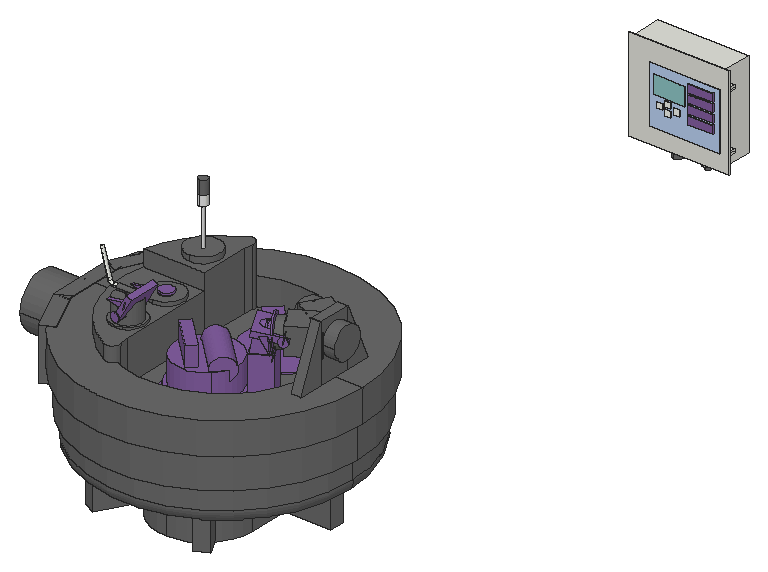
Revit family "28717_9_0", category Generic Models, Revit 2021
Family settings
  Can host rebar = No
  Round Connector Dimension = Use Diameter
  Part Type = Normal
  Work Plane-Based = No
  Always vertical = Yes
  Cut with Voids When Loaded = No
  Shared = Yes
  Room Calculation Point = No
Parameters (values of type "28717")
  SUPPLIER = "KESSEL"
  SA700ID48 = "No"
  SA700ID46 = "Yes"
  SA700ID37 = 10000 mm
  SA700ID34 = 11.5
  SA700ID33 = 1.2 W
  SA700ID32 = 24.00 kg
  SA700ID31 = 1
  SA700ID30 = 1
  SA700ID29 = "RWDR"
  SA700ID28 = "durchgehend"
  SA700ID21 = 1000
  SA700ID07 = "100"
  SA460ID03 = "direct"
  SA400ID03 = "e-motor for alternating current"
  SA350ID03 = "normal-priming"
  SA300ID03 = "single-level"
  SA260ID03 = "dry-rotor pump"
  SA250ID03 = "vertical"
  SA200ID03 = "6"
  PROCUREWEBLINK = "https://p.caden.as/kessel/28717"
  PROCURELINK = "p.caden.as/kessel/28717"
  PROCUREDATALASTUPDATE = "2024-05-22T12:17:58.803435948+01:00"
  PRC_SPECIFICATIONLINK = "https://ausschreiben.de/catalog/kessel/catalogItem/36873cf7-b726-4d78-9df6-f6276c43ae8a"
  NN = "Lifting station Aqualift F Compact"
  NBSYN = "$SA810ID03._$IDNR._$L."
  NB = "28717_9_0"
  Model = "28717"
  Manufacturer = "KESSEL"
  MIdent = "{$CADENAS_DATA/23d-libs/kessel/new/hebeanlagen/aqualift_f_compact/aqualift_f__compact_asmtab.prj},199 {VTYP=3D},{STYP=ASSTAB},{NB=28717_9_0},{LINA=28717},{NN=Lifting station Aqualift F Compact},{DATE=21.12.2022 12:37:25},{GEOMDATE=21.11.2022 10:35:20},{VERSION=},{LINEID=100},{WBVAR=L},{WBNUMERIC=L}  {NB=28717_9_0},{LINA=28717},{KT=DUMMY},{PREVIEW=},{SA700ID04=Hebeanlage Aqualift F Compact, Mono, SPZ 1000, freie Aufstellung },{SA810ID06=4026092093405},{LMIN=0.000},{LMAX=0.000},{L=0.000},{SA700ID34=11.50},{SA810ID03=28717},{SA810ID10=Die Hebeanlage für fäkalienhaltiges und fäkalienfreies Abwasser ist mit einer überflutbaren Pumpe sowie einem Rückflussverhinderer ausgestattet. Der Sammelbehälter aus dauerhaft beständigem Kunststoff (PE) besitzt einen abgeschlossenen Pumpenraum. Einhandverschlüsse ermöglichen die einfache Entnahme der integrierten Komponenten.Die Steuerung erfolgt durch ein anwenderfreundliches Schaltgerät, das optional über einen potentialfreien Kontakt in die Gebäudeleittechnik eingebunden werden oder Alarm- und Sammelstörmeldungen über eine GSM-Schnittstelle ausgeben kann.Ausführung:Absperreinrichtung: ohne SchieberAnlagenart: EinzelanlagePumpensteuerung: SchaltgerätRückflussverhinderer: integriertSchalldämmmatte: jaAuslieferungszustand: vormontiert zur bauseitigen Endmontage (Pumpen und Sensorik sind bauseits zu montieren sowie Schaltgerät ist anzuschließen)Einbausituation: freie AufstellungAbwasserart: fäkalienhaltigAllgemeine Merkmale:Farbe: schwarzZulassung: Z-53.2-484Abmessungen:Länge: 670 mmBreite: 580 mmHöhe: 395 mmBehälter/Grundkörper:Zulauf Anzahl: 1 STZulauf Nennweite (DN): 100 mmZulauf Nennweite (DA): 110 mmAbstand Rohrsohle Zulauf zu Behälterboden: 152 mmAbstand Rohrmitte Auslauf zu Behälterboden: 395 mmAbstand Rohrmitte Zulauf zu Behälterboden: 207 mmBehältervolumen: 40 lDruckabgang: waagerechtDruckabgang (DA): 40 mmDruckabgang (DN): 32 mmEntlüftungsanschluss (DN): 70 mmNutzvolumen: 20 lAbdeckungsmerkmale:Abdeckungsart: -Fördereinrichtung:Pumpe: SPZ 1000Anzahl Pumpen: 1Förderhöhe max.: 10 mFörderleistung max.: 11,5 m3/hBetriebsart: S3 - 50 %Leistung P1: 1,2 kWLeistung P2: 0,69 kWDrehzahl: 2.800 U/minFörderguttemperatur (dauerhaft) max.: 40 °CAnschlusstyp: codierter SteckerGewicht: 10 kgLaufrad Typ: SchneidwerkLänge Netzanschlussleitung Pumpe: 5 mNennstrom: 5,2 ASchutzart Pumpe: IP 68 (3m/48h)Schutzklasse: ITyp Anschlussleitung Pumpe: H07RN-F 3G 1,0 mm2Temperaturüberwachung: integriertSteuerung:Schaltgerät: ComfortBetriebsspannung: 230 VNetzfrequenz: 50 HzSelbstdiagnosesystem (SDS): jaBatteriepufferung: jaMehrzeilige Displayanzeige: jaLogbuchfunktion: jaUSB-Schnittstelle: jaGSM-Schnittstelle: jaPotentialfreier Kontakt: optionalErforderliche Absicherung (Leitungsschutz): C 16 ASchutzart Schaltgerät: IP 54Länge Netzanschlussleitung Schaltgerät: 1,4 mArt Niveauerfassung: pneumatischInstrument Niveauerfassung: TauchrohrAlarmgeber: optische Sonde},{SA700ID37=10.00},{SA700ID33=1.20},{SA700ID08=230},{SA700ID30=1},{SA700ID32=24.00},{SA700ID49=1},{SA200ID03=6},{SA250ID03=vertikal},{SA260ID03=Trockenläuferpumpe},{SA350ID03=normalansaugend},{SA400ID03=E-Motor für Wechselstrom},{SA460ID03=direkt},{SA500ID03=Kunststoff},{SA700ID06=DN32, DA40},{SA700ID07=100},{SA700ID09=1/N/PE 230V },{SA700ID10=nein},{SA700ID11=50},{SA700ID12=IP 68},{SA700ID13=F},{SA700ID15=40},{SA700ID21=1000.00},{SA700ID22=0.69},{SA700ID23=2800},{SA700ID26=5},{SA700ID28=durchgehend},{SA700ID29=RWDR},{SA700ID31=1},{SA700ID46=Ja},{SA700ID48=Nein},{SA010ID04=KESSEL AG},{SA110ID04=Hebeanlage Aqualift F Compact},{SA300ID03=einstufig},{SA700ID44=10.00},{SA700ID45=10.00},{IDNR=9},{TOC=Type_4},{ORDERNO=ORDERNO},{CODE=1.000},{PPATH=aqualift_f_compact_asmtpl.prj},{LINK=https://www.kessel.de/info?han=28717 },{LINK_=https://www.kessel.de/info?han=28717 },{LINK_DEU=https://www.kessel.de/info?han=28717 },{SA960ID03=8},{SA960ID04=3L},{SA960ID08=https://www.kessel.de/info?han=28717 },{SA010ID01=010},{SA010ID02=4},{SA010ID06=www.kessel.de},{SA010ID08=4026092000007},{SA100ID01=100},{SA100ID02=4},{SA100ID04=Entwässerung},{SA100ID06=Hebeanlagen},{SA110ID01=110},{SA110ID02=210},{SA110ID05=Aqualift F Compact},{SA110ID06=Hebeanlage},{SA740ID01=740},{SA740ID02=1},{SA200ID01=200},{SA200ID02=6},{SA250ID01=250},{SA250ID02=2},{SA260ID01=260},{SA260ID02=2},{SA300ID01=300},{SA300ID02=1},{SA350ID01=350},{SA350ID02=1},{SA400ID01=400},{SA400ID02=1},{SA460ID01=460},{SA460ID02=1},{SA500ID01=500},{SA500ID02=3},{SA700ID01=700},{SA700ID02=8},{SA700ID16=0},{SA700ID25=0},{SA700ID46_=1},{SA700ID48_=0},{SA800ID01=800},{SA800ID02=1},{SA810ID01=810},{SA810ID02=8},{SA810ID04=28717},{SA810ID07=8},{SA810ID14=PCE },{SA810ID15=1},{SA810ID16=NMP}"
  LMIN = 0
  LMAX = 0
  LINK = "https://www.kessel.de/info?han=28717"
  LINA = "28717"
  L = 0
  Default Elevation = 0 mm
  CREATOR = "CADENAS GmbH"
  CATALOG = "KESSEL"
  BOMINFO = "LINA"
  ARTICLENO = "NB"
  4.810.00.7 Media- connection number = "8"
  4.810.00.6 GTIN number = "4026092093405"
  4.810.00.4 DATANORM number = "28717"
  4.810.00.3 Producer order number = "28717"
  4.710.03.6 Height = 395 mm
  4.710.03.5 Width = 580 mm
  4.710.03.4 Length = 670 mm
  4.710.03.3 Type of dimensions = "2"
  4.710.01.5 Load regulation = "1"
  4.710.01.4 Designation of closed-loop control = "20"
  4.710.01.3 Identifier for closed-loop control = "40"
  4.700.00.9 Voltage = 2475.6994
  4.700.00.8 Nominal connection size on suction side = "DN32, DA40"
  4.700.00.7 Nominal connection size on pressure side = "DN32, DA40"
  4.700.00.4 Product indentification = "Hebeanlage Aqualift F Compact, Mono, SPZ 1000, freie Aufstellung "
  4.700.00.27 Starting current = 5
  4.700.00.26 Maximum power consumption per pump / drive = 0
  4.700.00.24 Nominal speed / maximum speed n = 46.6667
  4.700.00.23 Nominal speed of motor = 7.4271
  4.700.00.17 Minimum temperature of pumped medium = 0 °C
  4.700.00.16 Maximum temperature of pumped medium = 40 °C
  4.700.00.14 Heat class = "F"
  4.700.00.13 Type of protection = "IP 68"
  4.700.00.12 Frequency = 50
  4.700.00.11 Stern-/Dreieck-Anlaufschaltung bei Dreiphasenanschluss oder Drehstrom = "nein"
  4.700.00.10 Phase = "1/N/PE 230V "
  4.500.00.3 Variant / Variant type / Accessories-name = "Kunststoff"
  4.110.00.6 Product classification = "Hebeanlage"
  4.110.00.5 Main groups of wares = "Aqualift F Compact"
  4.110.00.4 Product indentification = "Hebeanlage Aqualift F Compact"
  4.100.00.6 Product classification = "Hebeanlagen"
  4.100.00.4 Product indentification = "Entwässerung"
  4.010.00.8 Producer ID number = "4026092000007"
  4.010.00.6 Web address of the manufacturer = "www.kessel.de"
  4.010.00.4 Manufacturer name = "KESSEL AG"
  4.010.00.2 Sheet number of the guideline = "4"
Reference planes
  plane 1 "Center (Front/Back)": y = 0
  plane 2: z = 0
  plane 3 "Center (Left/Right)": x = 0
Dimensions and locks
  aligned and locked: level to plane 2
Nested families
  nested 1: "28717_9_0_content" at (0, 0, 0), type "28717_9_0_Content"
  nested 2: "28717_9_0__body_X0Y0" at (0, 0, 0), type "28717_X0Y0"
  nested 3: "type_4_4_X0Y0" at (1000, 0, 1000), type "Type_4_4_X0Y0"
Connectors
  piping at (-380, 0, 207), diameter 100
    settings: on nested 2, index 1, connector inside diameter 609.6 mm, connector length 0 mm, flow factor 0, pipe flow 0.0 L/s, pressure drop 0.0 Pa, fitting loss kfactor 0, connector angle 0.00°, fixture units 0, engagement length 0 mm, angle of deflection 0.00°, flow configuration 0, flow direction 1, fitting loss method 2, system type 29, joint type 0, gender type 0, connector reference index -1, connector utility 0, adjustable connector no, is connector primary yes, connector description ""
  piping at (257.7, 0, 351), diameter 32
    settings: on nested 2, index 2, connector inside diameter 609.6 mm, connector length 0 mm, flow factor 0, pipe flow 0.0 L/s, pressure drop 0.0 Pa, fitting loss kfactor 0, connector angle 0.00°, fixture units 0, engagement length 0 mm, angle of deflection 0.00°, flow configuration 0, flow direction 2, fitting loss method 2, system type 29, joint type 0, gender type 0, connector reference index -1, connector utility 0, adjustable connector no, is connector primary no, connector description ""
  electrical at (0, 0, 0)
    settings: on nested 2, index 3, voltage 0 V, apparent load 0 VA, apparent load phase1 0 VA, apparent load phase2 0 VA, apparent load phase3 0 VA, power factor 1, load classification "Other", number of poles 1, system type 31, power factor state 1, is connector primary yes, connector utility no, sub classification motor no, connector description ""
  electrical at (-280.925, 118.19, 222.5)
    settings: on nested 2, index 4, voltage 0 V, apparent load 0 VA, apparent load phase1 0 VA, apparent load phase2 0 VA, apparent load phase3 0 VA, power factor 1, load classification "Other", number of poles 1, system type 31, power factor state 1, is connector primary no, connector utility no, sub classification motor no, connector description ""
  electrical at (-123, 100, 352.5)
    settings: on nested 2, index 5, voltage 0 V, apparent load 0 VA, apparent load phase1 0 VA, apparent load phase2 0 VA, apparent load phase3 0 VA, power factor 1, load classification "Other", number of poles 1, system type 31, power factor state 1, is connector primary no, connector utility no, sub classification motor no, connector description ""
  electrical at (-120, -100, 349.5)
    settings: on nested 2, index 6, voltage 0 V, apparent load 0 VA, apparent load phase1 0 VA, apparent load phase2 0 VA, apparent load phase3 0 VA, power factor 1, load classification "Other", number of poles 1, system type 31, power factor state 1, is connector primary no, connector utility no, sub classification motor no, connector description ""
  electrical at (936.5, -27.5, 966.5)
    settings: on nested 3, index 7, voltage 230 V, apparent load 0 VA, apparent load phase1 0 VA, apparent load phase2 0 VA, apparent load phase3 0 VA, power factor 1, load classification "Other", number of poles 3, system type 31, power factor state 1, is connector primary no, connector utility no, sub classification motor no, connector description ""
Definition of nested family "28717_9_0__body_X0Y0"
  Parameters (values of type "28717_X0Y0")
    TOC = "Type_4"
    SUPPLIER = "KESSEL"
    SA810ID03 = "28717"
    NN = "aqualift_f_compact_body__body"
    NBSYN = "$SA810ID03._$IDNR._$L.__body"
    NB = "28717_9_0__body"
    Model = "28717"
    Manufacturer = "KESSEL"
    MIdent = "{$CADENAS_DATA/23d-libs/kessel/new/hebeanlagen/aqualift_f_compact/aqualift_f_compact_body.prj},186 {VTYP=3D},{NB=28717_9_0__body},{LINA=28717},{NN=aqualift_f_compact_body__body},{DATE=10.11.2022 10:34:08},{GEOMDATE=10.11.2022 10:34:08},{VERSION=},{LINEID=100},{WBVAR=L},{WBNUMERIC=L}  {NB=28717_9_0__body},{LINA=28717},{KT=DUMMY},{LMIN=0},{LMAX=0},{L=0},{SA810ID03=28717},{IDNR=9},{TOC=Type_4},{DNIN=100},{DNOUT=32},{ISD=60},{ISD2=20}"
    LMIN = 0
    LMAX = 0
    LINA = "28717"
    L = 0
    ISD2 = 20
    ISD = 60
    IDNR = 9
    Default Elevation = 1219.2 mm
    DNOUT = 32
    DNIN = 100
    CREATOR = "CADENAS GmbH"
    CATALOG = "KESSEL"
    BOMINFO = "LINA"
    ARTICLENO = "NB"
  Reference planes
    plane 1 "Center (Front/Back)": y = 0
    plane 2: z = 0
    plane 3 "Center (Left/Right)": x = 0
  Dimensions and locks
    aligned and locked: level to plane 2
  Nested families
    nested 1: "28717_9_0__body_content" at (0, 0, 0), type "28717_9_0__body_Content"
  Definition of nested family "28717_9_0__body_content"
    Parameters (values of type "28717_9_0__body_Content")
      TOC = "Type_4"
      SUPPLIER = "KESSEL"
      SA810ID03 = "28717"
      NN = "aqualift_f_compact_body__body"
      NBSYN = "$SA810ID03._$IDNR._$L.__body"
      NB = "28717_9_0__body"
      Model = "28717"
      Manufacturer = "KESSEL"
      LMIN = 0
      LMAX = 0
      LINA = "28717"
      L = 0
      ISD2 = 20
      ISD = 60
      IDNR = 9
      Default Elevation = 1219.2 mm
      DNOUT = 32
      DNIN = 100
      CREATOR = "CADENAS GmbH"
      CATALOG = "KESSEL"
      BOMINFO = "LINA"
      ARTICLENO = "NB"
    Reference planes
      plane 1 "Center (Front/Back)": y = 0
      plane 2: z = 0
      plane 3 "Center (Left/Right)": x = 0
    Forms (mm)
      Extrusion 1, solid, detail levels medium+fine
        sketch origin (40, 100, 0) x (0, 1, 0) y (-1, 0, 0)
          loop
            circle (0, 0) r 99
        from 0 to 66.7
      Extrusion 2, solid, detail levels medium+fine
        sketch origin (40, 0, 0) x (0, 1, 0) y (-1, 0, 0)
          loop
            circle (0, 0) r 80
        from 0 to 66.7
      Extrusion 3, solid, detail levels medium+fine
        sketch origin (139, 100, 0) x (0, -1, 0) y (0, 0, 1)
          loop
            line (0, 66.7) -> (0, 0) -> (200, 0) -> (200, 66.7) -> (0, 66.7)
        from 0 to 198
      Extrusion 4, solid, detail levels medium+fine
        sketch origin (-104.635, -211.232, 0) x (-0.866025, 0.5, 0) y (0, 0, 1)
          loop
            line (0, 66.7) -> (0, 0) -> (30, 0) -> (30, 66.7) -> (0, 66.7)
        from 0 to 470.5
      Extrusion 5, solid, detail levels medium+fine
        sketch origin (-235.25, -15, 0) x (0, 1, 0) y (0, 0, 1)
          loop
            line (0, 66.7) -> (0, 0) -> (30, 0) -> (30, 66.7) -> (0, 66.7)
        from 0 to 470.5
      Extrusion 6, solid, detail levels medium+fine
        sketch origin (130.615, -196.232, 0) x (-0.866025, -0.5, 0) y (0, 0, 1)
          loop
            line (0, 66.7) -> (0, 0) -> (30, 0) -> (30, 66.7) -> (0, 66.7)
        from 0 to 470.5
      Extrusion 7, solid, detail levels medium+fine
        sketch origin (40, -100, 0) x (0, 1, 0) y (-1, 0, 0)
          loop
            circle (0, 0) r 99
        from 0 to 66.7
      Revolve 8, solid, detail levels medium+fine
        sketch origin (0, 0, 0) x (1, 0, 0) y (0, 0, -1)
          loop
            line (0, -66) -> (0, -10) -> (-70.13, -10) -> (-249.445, -69.479)
            arc (-249.445, -69.479) -> (-264.324, -80.394) -> (-270, -97.953) r 30
            line (-270, -97.953) -> (-270, -137.002) -> (-280, -139.678) -> (-280, -207.002) -> (-290, -209.678) -> (-290, -277) -> (-200, -277) -> (-200, -66) -> (0, -66)
          axis (0, -10) -> (0, -277)
        angle from -360 to 0
      Extrusion 9, solid, detail levels medium+fine
        sketch origin (40, -100, 0) x (0, 1, 0) y (-1, 0, 0)
          loop
            circle (20, 0) r 1.5
        from 0 to 300
      Extrusion 10, solid, detail levels medium+fine
        sketch origin (0, 0, 66.7) x (0, 1, 0) y (-1, 0, 0)
          loop
            circle (0, 0) r 204
        from 0 to 153.2
      Extrusion 11, solid, detail levels medium+fine
        sketch origin (-35.722, -11.044, 219.8) x (0.707107, -0.707107, 0) y (0, 0, 1)
          loop
            line (0, 16) -> (0, 0) -> (25, 0) -> (25, 16) -> (0, 16)
        from 0 to 36
      Extrusion 12, solid, detail levels medium+fine
        sketch origin (-11.044, 35.722, 219.8) x (-0.707107, -0.707107, 0) y (0, 0, 1)
          loop
            line (0, 16) -> (0, 0) -> (25, 0) -> (25, 16) -> (0, 16)
        from 0 to 36
      Extrusion 13, solid, detail levels medium+fine
        sketch origin (47.573, 105.582, 219.79) x (0.258819, 0.965926, 0) y (-0.965926, 0.258819, 0)
          loop
            circle (0, 0) r 86
        from 0 to 3.2
      Extrusion 14, solid, detail levels medium+fine
        sketch origin (0, 0, 265) x (1, 0, 0) y (0, 1, 0)
          loop
            circle (220, 25) r 3
        from 0 to 65
      Extrusion 15, solid, detail levels medium+fine
        sketch origin (229.822, 28.682, 322.5) x (-0.5, -0.866025, 0) y (0, 0, 1)
          loop
            line (0, 57) -> (0, 0) -> (57, 0) -> (57, 57) -> (0, 57)
        from 0 to 65
      Extrusion 16, solid, detail levels medium+fine
        sketch origin (143.6, 45.5, 351) x (0.500011, 0.866019, 0) y (0, 0, 1)
          loop
            circle (0, 0) r 28
        from 0 to 19
      Extrusion 17, solid, detail levels medium+fine
        sketch origin (201.322, 20.682, 322.5) x (0.5, -0.866025, 0) y (0, 0, 1)
          loop
            line (0, 57) -> (0, 0) -> (57, 0) -> (57, 57) -> (0, 57)
        from 0 to 65
      Extrusion 18, solid, detail levels medium+fine
        sketch origin (142.03, -6.622, 351) x (-0.296198, -0.17101, 0.939693) y (-0.813798, -0.469847, -0.34202)
          loop
            circle (0, 0) r 9
        from 0 to 69.2
      Extrusion 19, solid, detail levels medium+fine
        sketch origin (143.692, -45.5, 351) x (-0.5, 0.866025, 0) y (0, 0, 1)
          loop
            circle (0, 0) r 28
        from 0 to 18
      Extrusion 20, solid, detail levels medium+fine
        sketch origin (141.1, -47, 351) x (-0.5, 0.866025, 0) y (0, 0, 1)
          loop
            circle (0, 0) r 35
        from 0 to 3
      Extrusion 21, solid, detail levels medium+fine
        sketch origin (131.394, -52.6, 351) x (-0.5, 0.866025, 0) y (0, 0, 1)
          loop
            circle (0, 0) r 19.5
        from 0 to 14.2
      Revolve 22, solid, detail levels medium+fine
        sketch origin (131.394, -52.6, 351) x (-0.5, 0.866025, 0) y (0, 0, 1)
          loop
            line (0, 19.5) -> (0, -19.5)
            arc (0, -19.5) -> (19.5, 0) -> (0, 19.5) r 19.5
          axis (0, -19.5) -> (0, 19.5)
        angle from -360 to 0
      Extrusion 23, solid, detail levels medium+fine
        sketch origin (143.384, -5.841, 359.863) x (0.5, -0.866025, 0) y (-0.852868, -0.492404, 0.173648)
          loop
            line (0, 55) -> (0, 0) -> (69, 0) -> (69, 55) -> (0, 55)
        from 0 to 12
      Extrusion 24, solid, detail levels medium+fine
        sketch origin (131.7, -29.8, 305.9) x (0.5, -0.866025, 0) y (0.150383, 0.086824, 0.984808)
          loop
            line (0, 45) -> (0, 0) -> (39, 0) -> (39, 45) -> (0, 45)
        from 0 to 39
      Extrusion 25, solid, detail levels medium+fine
        sketch origin (155.219, -78.682, 360.134) x (0.075479, 0.043578, -0.996195) y (-0.86273, -0.498098, -0.087156)
          loop
            line (0, 15) -> (0, 0) -> (35, 0) -> (0, 15)
        from 0 to 6.5
      Extrusion 26, solid, detail levels medium+fine
        sketch origin (123.968, -24.6, 360.134) x (0.075479, 0.043578, -0.996195) y (-0.86273, -0.498098, -0.087156)
          loop
            line (0, 15) -> (0, 0) -> (35, 0) -> (0, 15)
        from 0 to 6.5
      Extrusion 27, solid, detail levels medium+fine
        sketch origin (230.5, 35, 262) x (0, -1, 0) y (0, 0, 1)
          loop
            line (0, 133.3) -> (0, 0) -> (70, 0) -> (70, 133.3) -> (0, 133.3)
        from 0 to 20
      Extrusion 28, solid, detail levels medium+fine
        sketch origin (230.5, 0, 351) x (0, 1, 0) y (0, 0, 1)
          loop
            circle (0, 0) r 32.5
        from 0 to 27.2
      Extrusion 29, solid, detail levels medium+fine
        sketch origin (210.5, 35, 262) x (0, 1, 0) y (0, 0, 1)
          loop
            line (0, 133.3) -> (0, 0) -> (58, 0) -> (0, 133.3)
        from 0 to 20
      Extrusion 30, solid, detail levels medium+fine
        sketch origin (230.5, -35, 262) x (0, -1, 0) y (0, 0, 1)
          loop
            line (0, 133.3) -> (0, 0) -> (58, 0) -> (0, 133.3)
        from 0 to 20
      Extrusion 31, solid, detail levels medium+fine
        sketch origin (134.05, -22.199, 219.8) x (0.5, -0.866025, 0) y (0, 0, 1)
          loop
            line (0, 99.5) -> (0, 0) -> (50, 0) -> (50, 99.5) -> (0, 99.5)
        from 0 to 45
      Extrusion 32, solid, detail levels medium+fine
        sketch origin (159.278, -80.794, 219.8) x (0.707107, -0.707107, 0) y (0, 0, 1)
          loop
            line (0, 16) -> (0, 0) -> (25, 0) -> (25, 16) -> (0, 16)
        from 0 to 36
      Extrusion 33, solid, detail levels medium+fine
        sketch origin (176.956, 98.472, 219.8) x (-0.707107, -0.707107, 0) y (0, 0, 1)
          loop
            line (0, 16) -> (0, 0) -> (25, 0) -> (25, 16) -> (0, 16)
        from 0 to 36
      Extrusion 34, solid, detail levels medium+fine
        sketch origin (98.754, -125.57, 298.5) x (-0.707107, -0.707107, 0) y (0, 0, 1)
          loop
            circle (0, 0) r 24
        from 0 to 108
      Extrusion 35, solid, detail levels medium+fine
        sketch origin (43.6, -98.7, 245.5) x (-0.707107, 0.707107, 0) y (-0.707107, -0.707107, 0)
          loop
            circle (0, 0) r 65
        from 0 to 53
      Extrusion 36, solid, detail levels medium+fine
        sketch origin (43.6, -98.7, 223) x (-0.707107, 0.707107, 0) y (-0.707107, -0.707107, 0)
          loop
            circle (0, 0) r 73
        from 0 to 22.5
      Extrusion 37, solid, detail levels medium+fine
        sketch origin (43.6, -98.7, 219.7) x (-0.707107, 0.707107, 0) y (-0.707107, -0.707107, 0)
          loop
            circle (0, 0) r 86
        from 0 to 3.3
      Extrusion 38, solid, detail levels medium+fine
        sketch origin (-1.301, -82.083, 298.5) x (0.707107, -0.707107, 0) y (0, 0, 1)
          loop
            line (0, 41) -> (0, 0) -> (87, 0) -> (87, 41) -> (0, 41)
        from 0 to 22
      Extrusion 39, solid, detail levels medium+fine
        sketch origin (-27.722, 189.956, 219.8) x (0.707107, -0.707107, 0) y (0, 0, 1)
          loop
            line (0, 16) -> (0, 0) -> (25, 0) -> (25, 16) -> (0, 16)
        from 0 to 36
      Extrusion 40, solid, detail levels medium+fine
        sketch origin (-10.044, -172.278, 219.8) x (-0.707107, -0.707107, 0) y (0, 0, 1)
          loop
            line (0, 16) -> (0, 0) -> (25, 0) -> (25, 16) -> (0, 16)
        from 0 to 36
      Extrusion 41, solid, detail levels medium+fine
        sketch origin (0, 0, 219.7) x (1, 0, 0) y (0, 1, 0)
          loop
            arc (-207.86, 50.87) -> (-195.307, -87.471) -> (-100.46, -188.96) r 213.998
            arc (-100.46, -188.96) -> (-83.736, -187.911) -> (-77.12, -172.512) r 16.001
            line (-77.12, -172.512) -> (-80.05, -152.5) -> (-80.05, 50.87) -> (-207.86, 50.87)
        from 0 to 86.5
      Extrusion 42, solid, detail levels medium+fine
        sketch origin (-120, -100, 306) x (0, 1, 0) y (-1, 0, 0)
          loop
            circle (0, 0) r 35
        from 0 to 3.5
      Extrusion 43, solid, detail levels medium+fine
        sketch origin (-120, -100, 309.5) x (0, 1, 0) y (-1, 0, 0)
          loop
            circle (0, 0) r 28
        from 0 to 40
      Extrusion 44, solid, detail levels medium+fine
        sketch origin (-120, -65.2, 324.5) x (1, 0, 0) y (0, 0, 1)
          loop
            circle (0, 0) r 9
        from 0 to 69.5
      Extrusion 45, solid, detail levels medium+fine
        sketch origin (-104, -94.2, 342.5) x (0, -1, 0) y (0, 0, 1)
          loop
            line (0, 17.4) -> (0, 0) -> (11.6, 0) -> (11.6, 17.4) -> (0, 17.4)
        from 0 to 16
      Extrusion 46, solid, detail levels medium+fine
        sketch origin (-112.3, -65.5, 320) x (0, -1, 0) y (0.500011, 0, 0.866019)
          loop
            line (0, 55) -> (0, 0) -> (69, 0) -> (69, 55) -> (0, 55)
        from 0 to 12
      Extrusion 47, solid, detail levels medium+fine
        sketch origin (-104, -100, 359.9) x (0, 1, 0) y (0, 0, -1)
          loop
            circle (0, 0) r 5.8
        from 0 to 34.9
      Extrusion 48, solid, detail levels medium+fine
        sketch origin (-138.8, -100, 359.9) x (0, 1, 0) y (0, 0, -1)
          loop
            circle (0, 0) r 3
        from 0 to 10
      Extrusion 49, solid, detail levels medium+fine
        sketch origin (-103, -134.2, 344.5) x (-0.965926, 0, 0.258819) y (0.258819, 0, 0.965926)
          loop
            line (0, 15) -> (0, 0) -> (35, 0) -> (0, 15)
        from 0 to 6.5
      Extrusion 50, solid, detail levels medium+fine
        sketch origin (-103, -71.8, 344.5) x (-0.965926, 0, 0.258819) y (0.258819, 0, 0.965926)
          loop
            line (0, 15) -> (0, 0) -> (35, 0) -> (0, 15)
        from 0 to 6.5
      Extrusion 51, solid, detail levels medium+fine
        sketch origin (-120, 0, 306) x (0, 1, 0) y (-1, 0, 0)
          loop
            circle (0, 0) r 35
        from 0 to 7
      Extrusion 52, solid, detail levels medium+fine
        sketch origin (-120, 0, 313) x (0, 1, 0) y (-1, 0, 0)
          loop
            circle (0, 0) r 14
        from 0 to 2
      Extrusion 53, solid, detail levels medium+fine
        sketch origin (-120, 0, 315) x (0, 1, 0) y (-1, 0, 0)
          loop
            circle (0, 0) r 14.7
        from 0 to 3
      Extrusion 54, solid, detail levels medium+fine
        sketch origin (-272.811, -55.821, 168) x (0.422618, -0.906308, 0) y (0, 0, 1)
          loop
            line (0, 109) -> (0, 0) -> (107, 0) -> (107, 109) -> (0, 109)
        from 0 to 30.2
      Extrusion 55, solid, detail levels medium+fine
        sketch origin (-270, 68.5, 168) x (0, -1, 0) y (0, 0, 1)
          loop
            line (0, 109) -> (0, 0) -> (137, 0) -> (137, 109) -> (0, 109)
        from 0 to 30
      Extrusion 56, solid, detail levels medium+fine
        sketch origin (-250, 0, 203.7) x (0, -1, 0) y (0, 0, 1)
          loop
            circle (0, 0) r 70
        from 0 to 50
      Extrusion 57, solid, detail levels medium+fine
        sketch origin (-300, 0, 207) x (0, -1, 0) y (0, 0, 1)
          loop
            circle (0, 0) r 56.25
        from 0 to 80
      Extrusion 58, solid, detail levels medium+fine
        sketch origin (-227.5, 152.7, 168) x (-0.422618, -0.906308, 0) y (0, 0, 1)
          loop
            line (0, 109) -> (0, 0) -> (107, 0) -> (107, 109) -> (0, 109)
        from 0 to 30
      Extrusion 59, solid, detail levels medium+fine
        sketch origin (-277.3, 116.5, 222.5) x (-0.422618, -0.906308, 0) y (0, 0, 1)
          loop
            circle (0, 0) r 55
        from 0 to 4
      Extrusion 60, solid, detail levels medium+fine
        sketch origin (0, 0, 219.7) x (1, 0, 0) y (0, 1, 0)
          loop
            line (-207.86, 50.87) -> (-80.05, 50.87) -> (-80.05, 152.5) -> (-77.12, 172.512)
            arc (-77.12, 172.512) -> (-83.736, 187.911) -> (-100.464, 188.958) r 16.001
            arc (-100.464, 188.958) -> (-168.915, 131.391) -> (-207.86, 50.87) r 213.995
        from 0 to 120.8
      Extrusion 61, solid, detail levels medium+fine
        sketch origin (-123, 100, 340.5) x (0, 1, 0) y (-1, 0, 0)
          loop
            circle (0, 0) r 35
        from 0 to 12
      Extrusion 62, solid, detail levels medium+fine
        sketch origin (-123, 100, 352.5) x (0, 1, 0) y (-1, 0, 0)
          loop
            circle (0, 0) r 2.85
        from 0 to 80.5
      Extrusion 63, solid, detail levels medium+fine
        sketch origin (-123, 100, 433) x (0, 1, 0) y (-1, 0, 0)
          loop
            circle (0, 0) r 9
        from 0 to 21
      Extrusion 64, solid, detail levels medium+fine
        sketch origin (-123, 100, 454) x (0, 1, 0) y (-1, 0, 0)
          loop
            circle (0, 0) r 9.5
        from 0 to 26.5
      Revolve 65, solid, detail levels medium+fine
        sketch origin (-148.8, -100, 359.9) x (0, 1, 0) y (0, 0, -1)
          loop
            circle (0, 0) r 3
          axis (3, -10) -> (-3, -10)
        angle from -75 to 0
      Extrusion 66, solid, detail levels medium+fine
        sketch origin (-158.459, -100, 367.312) x (0, 1, 0) y (-0.965926, 0, -0.258819)
          loop
            circle (0, 0) r 3
        from 0 to 60
      Extrusion 67, solid, detail levels coarse
        sketch origin (-45, 0, 0) x (1, 0, 0) y (0, 1, 0)
          loop
            line (-335, -290) -> (335, -290) -> (335, 290) -> (-335, 290) -> (-335, -290)
        from 0 to 480.5
    Dimensions and locks
      aligned and locked: level to plane 2
Definition of nested family "type_4_4_X0Y0"
  Parameters (values of type "Type_4_4_X0Y0")
    TOC = "Type_4"
    SUPPLIER = "KESSEL"
    NN = "Controller"
    NBSYN = "$TOC._$IDNR."
    NB = "Type_4_4"
    Model = "Type_4_4"
    Manufacturer = "KESSEL"
    MIdent = "{$CADENAS_DATA/23d-libs/kessel/new/controllers/controllers.prj},160 {VTYP=3D},{NB=Type_4_4},{LINA=Type_4_4},{NN=Controller},{DATE=09.11.2022 09:38:12},{GEOMDATE=30.10.2022 06:14:50},{VERSION=},{LINEID=50},{WBVAR=},{WBNUMERIC=}  {NB=Type_4_4},{LINA=Type_4_4},{KT=DUMMY},{PREVIEW=},{TOC=Type_4},{IDNR=4},{SA810ID03=MIN}"
    LINA = "Type_4_4"
    Default Elevation = 1219.2 mm
    CREATOR = "CADENAS GmbH"
    CATALOG = "KESSEL"
    BOMINFO = "LINA"
    ARTICLENO = "NB"
  Reference planes
    plane 1 "Center (Front/Back)": y = 0
    plane 2: z = 0
    plane 3 "Center (Left/Right)": x = 0
  Dimensions and locks
    aligned and locked: level to plane 2
  Nested families
    nested 1: "type_4_4_content" at (0, 0, 0), type "Type_4_4_Content"
  Definition of nested family "type_4_4_content"
    Parameters (values of type "Type_4_4_Content")
      TOC = "Type_4"
      SUPPLIER = "KESSEL"
      NN = "Controller"
      NBSYN = "$TOC._$IDNR."
      NB = "Type_4_4"
      Model = "Type_4_4"
      Manufacturer = "KESSEL"
      LINA = "Type_4_4"
      Default Elevation = 1219.2 mm
      CREATOR = "CADENAS GmbH"
      CATALOG = "KESSEL"
      BOMINFO = "LINA"
      ARTICLENO = "NB"
    Reference planes
      plane 1 "Center (Front/Back)": y = 0
      plane 2: z = 0
      plane 3 "Center (Left/Right)": x = 0
    Forms (mm)
      Extrusion 1, solid, detail levels medium+fine
        sketch origin (94.5, 0, 0) x (0, -1, 0) y (0, 0, 1)
          loop
            line (0, 181) -> (0, 0) -> (66, 0) -> (66, 181) -> (0, 181)
        from 0 to 189
      Extrusion 2, solid, detail levels medium+fine
        sketch origin (108.5, -66, -7) x (0, -1, 0) y (0, 0, 1)
          loop
            line (0, 194) -> (0, 0) -> (2, 0) -> (2, 194) -> (0, 194)
        from 0 to 208
      Extrusion 3, solid, detail levels medium+fine
        sketch origin (90, -68, 26.5) x (0, -1, 0) y (0, 0, 1)
          loop
            line (-1.75, 120) -> (-1.75, 0) -> (0.25, 0) -> (0.25, 120) -> (-1.75, 120)
        from 0 to 146
      Extrusion 4, solid, detail levels medium+fine
        sketch origin (5.5, -68.25, 66) x (0, -1, 0) y (0, 0, 1)
          loop
            line (-1, 12) -> (-1, 0) -> (0.5, 0) -> (0.5, 12) -> (-1, 12)
        from 0 to 12
      Extrusion 5, solid, detail levels medium+fine
        sketch origin (76.25, -68.25, 79) x (0, -1, 0) y (0, 0, 1)
          loop
            line (0, 16) -> (0, 0) -> (1.75, 0) -> (1.75, 16) -> (0, 16)
        from 0 to 51
      Extrusion 6, solid, detail levels medium+fine
        sketch origin (-11.75, -68.25, 74) x (0, -1, 0) y (0, 0, 1)
          loop
            line (-1, 12) -> (-1, 0) -> (0.5, 0) -> (0.5, 12) -> (-1, 12)
        from 0 to 12
      Extrusion 7, solid, detail levels medium+fine
        sketch origin (76.25, -68.25, 59) x (0, -1, 0) y (0, 0, 1)
          loop
            line (0, 16) -> (0, 0) -> (1.75, 0) -> (1.75, 16) -> (0, 16)
        from 0 to 51
      Extrusion 8, solid, detail levels medium+fine
        sketch origin (17.4, -68.25, 89.5) x (0, -1, 0) y (0, 0, 1)
          loop
            line (-1, 37) -> (-1, 0) -> (0.5, 0) -> (0.5, 37) -> (-1, 37)
        from 0 to 66
      Extrusion 9, solid, detail levels medium+fine
        sketch origin (76.25, -68.25, 99) x (0, -1, 0) y (0, 0, 1)
          loop
            line (0, 16) -> (0, 0) -> (1.75, 0) -> (1.75, 16) -> (0, 16)
        from 0 to 51
      Extrusion 10, solid, detail levels medium+fine
        sketch origin (-11.75, -68.25, 57.5) x (0, -1, 0) y (0, 0, 1)
          loop
            line (-1, 12) -> (-1, 0) -> (0.5, 0) -> (0.5, 12) -> (-1, 12)
        from 0 to 12
      Extrusion 11, solid, detail levels medium+fine
        sketch origin (76.25, -68.25, 119) x (0, -1, 0) y (0, 0, 1)
          loop
            line (0, 16) -> (0, 0) -> (1.75, 0) -> (1.75, 16) -> (0, 16)
        from 0 to 51
      Extrusion 12, solid, detail levels medium+fine
        sketch origin (-29, -68.25, 66) x (0, -1, 0) y (0, 0, 1)
          loop
            line (-1, 12) -> (-1, 0) -> (0.5, 0) -> (0.5, 12) -> (-1, 12)
        from 0 to 12
      Extrusion 13, solid, detail levels medium+fine
        sketch origin (5, -27.5, 0) x (1, 0, 0) y (0, -1, 0)
          loop
            circle (0, 0) r 11
        from 0 to 17.3
      Extrusion 14, solid, detail levels medium+fine
        sketch origin (5, -27.5, -16.3) x (1, 0, 0) y (0, -1, 0)
          loop
            circle (0, 0) r 8.65
        from 0 to 10.8
      Extrusion 15, solid, detail levels medium+fine
        sketch origin (-29, -27.5, 0) x (1, 0, 0) y (0, -1, 0)
          loop
            circle (0, 0) r 11.4
        from 0 to 9
      Extrusion 16, solid, detail levels medium+fine
        sketch origin (-29, -27.5, -9) x (1, 0, 0) y (0, -1, 0)
          loop
            circle (0, 0) r 11.75
        from 0 to 28
      Extrusion 17, solid, detail levels medium+fine
        sketch origin (33, -27.5, 0) x (1, 0, 0) y (0, -1, 0)
          loop
            circle (0, 0) r 11
        from 0 to 11
      Extrusion 18, solid, detail levels medium+fine
        sketch origin (33, -27.5, -11) x (1, 0, 0) y (0, -1, 0)
          loop
            circle (0, 0) r 11
        from 0 to 19.8
      Extrusion 19, solid, detail levels medium+fine
        sketch origin (33, -27.5, -29.8) x (1, 0, 0) y (0, -1, 0)
          loop
            circle (0, 0) r 6
        from 0 to 9
      Extrusion 20, solid, detail levels medium+fine
        sketch origin (106.5, -50, 145) x (0, -1, 0) y (0, 0, 1)
          loop
            line (0, 4) -> (0, 0) -> (16, 0) -> (16, 4) -> (0, 4)
        from 0 to 12
      Extrusion 21, solid, detail levels medium+fine
        sketch origin (106.5, -50, 149) x (0, -1, 0) y (0, 0, 1)
          loop
            line (0, 4) -> (0, 0) -> (12, 0) -> (12, 4) -> (0, 4)
        from 0 to 16
      Extrusion 22, solid, detail levels medium+fine
        sketch origin (106.5, -50, 26) x (0, -1, 0) y (0, 0, 1)
          loop
            line (0, 4) -> (0, 0) -> (16, 0) -> (16, 4) -> (0, 4)
        from 0 to 12
      Extrusion 23, solid, detail levels medium+fine
        sketch origin (106.5, -50, 30) x (0, -1, 0) y (0, 0, 1)
          loop
            line (0, 4) -> (0, 0) -> (12, 0) -> (12, 4) -> (0, 4)
        from 0 to 16
      Extrusion 24, solid, detail levels medium+fine
        sketch origin (-63.5, -27.5, 0) x (1, 0, 0) y (0, -1, 0)
          loop
            circle (0, 0) r 11
        from 0 to 23.5
      Extrusion 25, solid, detail levels medium+fine
        sketch origin (-63.5, -27.5, -23.5) x (1, 0, 0) y (0, -1, 0)
          loop
            circle (0, 0) r 3
        from 0 to 10
      Extrusion 26, void, detail levels medium+fine
        sketch origin (79.5, -27.5, 5) x (1, 0, 0) y (0, -1, 0)
          loop
            circle (0, 0) r 10
        from 0 to 5.8
      Extrusion 27, solid, detail levels coarse
        sketch origin (4.5, -35, -38.8) x (1, 0, 0) y (0, 1, 0)
          loop
            line (-104, -35) -> (104, -35) -> (104, 35) -> (-104, 35) -> (-104, -35)
        from 0 to 225.8
    Cuts and joins
      Extrusion 26 cuts Extrusion 1
      Extrusion 26 cuts Extrusion 2
      Extrusion 26 cuts Extrusion 3
      Extrusion 26 cuts Extrusion 4
      Extrusion 26 cuts Extrusion 5
      Extrusion 26 cuts Extrusion 6
      Extrusion 26 cuts Extrusion 7
      Extrusion 26 cuts Extrusion 8
      Extrusion 26 cuts Extrusion 9
      Extrusion 26 cuts Extrusion 10
      Extrusion 26 cuts Extrusion 11
      Extrusion 26 cuts Extrusion 12
      Extrusion 26 cuts Extrusion 13
      Extrusion 26 cuts Extrusion 14
      Extrusion 26 cuts Extrusion 15
      Extrusion 26 cuts Extrusion 16
      Extrusion 26 cuts Extrusion 17
      Extrusion 26 cuts Extrusion 18
      Extrusion 26 cuts Extrusion 19
      Extrusion 26 cuts Extrusion 20
      Extrusion 26 cuts Extrusion 21
      Extrusion 26 cuts Extrusion 22
      Extrusion 26 cuts Extrusion 23
      Extrusion 26 cuts Extrusion 24
      Extrusion 26 cuts Extrusion 25
    Dimensions and locks
      aligned and locked: level to plane 2
